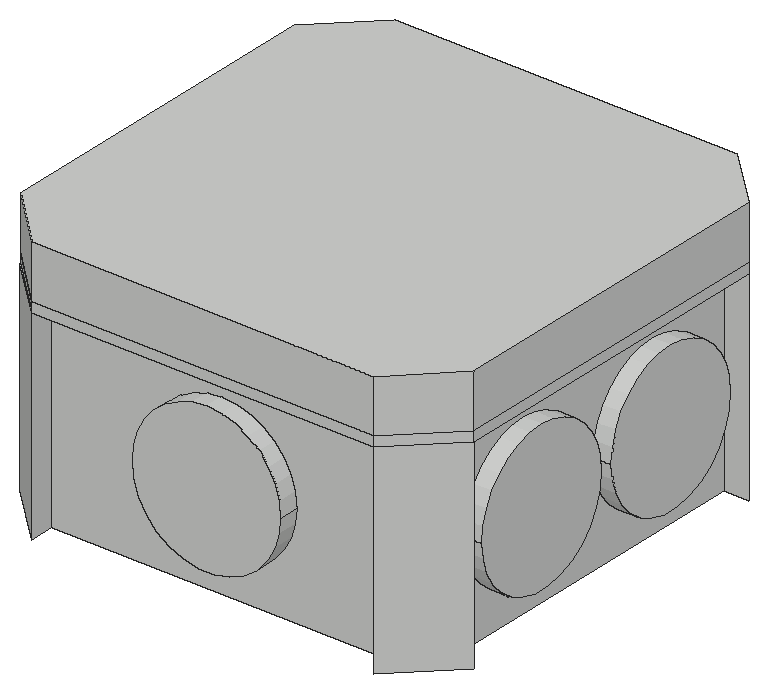
Revit family "Kombischutzgerät für ISDN- und DSL-Systeme", category Generic Models, Revit 2015
Parameters (values of type "TD-4/I")
  Width 1 = 80.4 mm
  Width = 90 mm
  URL = "http://www.obo-bettermann.com"
  Material = OBO-PP
  Manufacturer Art.No. = "5081690"
  Manufacturer = "OBO Bettermann"
  Length 1 = 80.4 mm
  Length = 90 mm
  Height 1 = 40.3 mm
  Height = 52.8 mm
  GTIN = "4012196034352"
  Diameter = 29.5 mm
  Article Type = "TD-4/I"
Reference planes
  plane 1 "Center (Front/Back)": y = 0
  plane 2: z = 0
  plane 3 "Center (Left/Right)": x = 0
  plane 4: z = 40.3
  plane 5: z = 42.2
  plane 6: z = 52.8
  plane 7: y = -44
  plane 8: x = 44
  plane 9: x = -44
  plane 10: y = 44
Forms (mm)
  Extrusion 1, solid, material "OBO-PP" <- "Material"
    sketch origin (0, 0, 0) x (1, 0, 0) y (0, 1, 0)
      loop
        line (-40.2, 35.2) -> (-40.2, -35.2)
        arc (-40.2, -35.2) -> (-38.736, -38.736) -> (-35.2, -40.2) r 5
        line (-35.2, -40.2) -> (35.2, -40.2)
        arc (35.2, -40.2) -> (38.736, -38.736) -> (40.2, -35.2) r 5
        line (40.2, -35.2) -> (40.2, 35.2)
        arc (40.2, 35.2) -> (38.736, 38.736) -> (35.2, 40.2) r 5
        line (35.2, 40.2) -> (-35.2, 40.2)
        arc (-35.2, 40.2) -> (-38.736, 38.736) -> (-40.2, 35.2) r 5
    from 0 to 40.3
  Extrusion 2, solid, material "OBO-PP" <- "Material"
    sketch origin (0, 0, 0) x (1, 0, 0) y (0, 1, 0)
      loop
        line (-34, 45) -> (-45, 34) -> (-45, -34) -> (-34, -45) -> (34, -45) -> (45, -34) -> (45, 34) -> (34, 45) -> (-34, 45)
    from 40.3 to 42.2
  Extrusion 3, solid, material "OBO-PP" <- "Material"
    sketch origin (0, 0, 0) x (1, 0, 0) y (0, 1, 0)
      loop
        line (45, 34) -> (34, 45) -> (34, 40.2) -> (35.2, 40.2)
        arc (35.2, 40.2) -> (38.736, 38.736) -> (40.2, 35.2) r 5
        line (40.2, 35.2) -> (40.2, 34) -> (45, 34)
      loop
        line (-34, 45) -> (-45.038, 33.962) -> (-40.2, 33.962) -> (-40.2, 35.2)
        arc (-40.2, 35.2) -> (-38.736, 38.736) -> (-35.2, 40.2) r 5
        line (-35.2, 40.2) -> (-34, 40.2) -> (-34, 45)
      loop
        line (-45.038, -33.962) -> (-34, -45) -> (-34, -40.2) -> (-35.2, -40.2)
        arc (-35.2, -40.2) -> (-38.736, -38.736) -> (-40.2, -35.2) r 5
        line (-40.2, -35.2) -> (-40.2, -33.962) -> (-45.038, -33.962)
      loop
        line (34, -45) -> (45, -34) -> (40.2, -34) -> (40.2, -35.2)
        arc (40.2, -35.2) -> (38.736, -38.736) -> (35.2, -40.2) r 5
        line (35.2, -40.2) -> (34, -40.2) -> (34, -45)
    from 0 to 40.3
  Extrusion 4, solid, material "OBO-PP" <- "Material"
    sketch origin (0, 0, 0) x (1, 0, 0) y (0, 1, 0)
      loop
        line (-34, 45) -> (-45, 34) -> (-45, -34) -> (-34, -45) -> (34, -45) -> (45, -34) -> (45, 34) -> (34, 45) -> (-34, 45)
    from 42.2 to 52.8
  Extrusion 5, solid, material "OBO-TPE"
    sketch origin (0, 0, 0) x (1, 0, 0) y (0, 0, 1)
      loop
        circle (0, 20.4) r 14.75
    from 40.2 to 44
  Extrusion 6, solid, material "OBO-TPE"
    sketch origin (0, 0, 0) x (0, 1, 0) y (0, 0, 1)
      loop
        circle (16, 20.4) r 14.75
      loop
        circle (-16, 20.4) r 14.75
    from 40.2 to 44
  Extrusion 7, solid, material "OBO-TPE"
    sketch origin (0, 0, 0) x (0, 1, 0) y (0, 0, 1)
      loop
        circle (16, 20.4) r 14.75
      loop
        circle (-16, 20.4) r 14.75
    from -44 to -40.2
  Extrusion 8, solid, material "OBO-TPE"
    sketch origin (0, 0, 0) x (1, 0, 0) y (0, 0, 1)
      loop
        circle (16, 20.4) r 14.75
      loop
        circle (-16, 20.4) r 14.75
    from -44 to -40.2
Dimensions and locks
  "Width 1": Extrusion 1 sketch curve to Extrusion 1 sketch curve
  equal spacing: Extrusion 1 sketch curve, plane 3 "Center (Left/Right)", Extrusion 1 sketch curve
  "Length 1": Extrusion 1 sketch curve to Extrusion 1 sketch curve
  equal spacing: Extrusion 1 sketch curve, plane 1 "Center (Front/Back)", Extrusion 1 sketch curve
  "Height 1": plane 4 to level
  "Width": Extrusion 2 sketch curve to Extrusion 2 sketch curve
  equal spacing: Extrusion 2 sketch curve, plane 3 "Center (Left/Right)", Extrusion 2 sketch curve
  "Length": Extrusion 2 sketch curve to Extrusion 2 sketch curve
  equal spacing: Extrusion 2 sketch curve, plane 1 "Center (Front/Back)", Extrusion 2 sketch curve
  locked: Extrusion 2 sketch curve to Extrusion 2 sketch curve at 68  (x4)
  equal spacing: Extrusion 2 sketch curve, plane 1 "Center (Front/Back)", Extrusion 2 sketch curve, locked at 34 each  (x2)
  equal spacing: Extrusion 2 sketch curve, plane 3 "Center (Left/Right)", Extrusion 2 sketch curve, locked at 34 each  (x2)
  locked: plane 5 to plane 4 at 1.9
  locked: Extrusion 3 sketch curve to Extrusion 3 sketch curve at 68  (x3)
  equal spacing: Extrusion 3 sketch curve, plane 3 "Center (Left/Right)", Extrusion 3 sketch curve, locked at 34 each  (x2)
  equal spacing: Extrusion 3 sketch curve, plane 1 "Center (Front/Back)", Extrusion 3 sketch curve
  locked: Extrusion 3 sketch curve to Extrusion 3 sketch curve at 67.925
  equal spacing: Extrusion 3 sketch curve, plane 1 "Center (Front/Back)", Extrusion 3 sketch curve, locked at 33.962 each
  "Height": plane 6 to level
  locked: Extrusion 5 sketch curve to Extrusion 1 at 20.4
  locked: plane 1 "Center (Front/Back)" to plane 7 at 44
  locked: Extrusion 1 to Extrusion 6 sketch curve at 20.4  (x2)
  locked: Extrusion 6 sketch curve to plane 1 "Center (Front/Back)" at 16
  locked: plane 1 "Center (Front/Back)" to Extrusion 6 sketch curve at 16
  locked: plane 8 to plane 3 "Center (Left/Right)" at 44
  locked: plane 3 "Center (Left/Right)" to plane 9 at 44
  locked: Extrusion 1 to Extrusion 8 sketch curve at 20.4  (x2)
  locked: Extrusion 8 sketch curve to plane 3 "Center (Left/Right)" at 16
  locked: plane 3 "Center (Left/Right)" to Extrusion 8 sketch curve at 16
  locked: plane 10 to plane 1 "Center (Front/Back)" at 44
  "Diameter": diameter of Extrusion 5 sketch curve
  "Diameter": diameter of Extrusion 6 sketch curve  (x2)
  "Diameter": diameter of Extrusion 8 sketch curve  (x2)
  aligned and locked: level to plane 2
  aligned and locked: Extrusion 1 to level
  aligned and locked: plane 4 to Extrusion 1
  aligned and locked: Extrusion 2 to Extrusion 1
  aligned and locked: plane 5 to Extrusion 2
  aligned and locked: Extrusion 3 sketch curve to Extrusion 2  (x4)
  aligned and locked: Extrusion 3 to Extrusion 1
  aligned and locked: Extrusion 3 to level
  aligned and locked: Extrusion 3 sketch curve to Extrusion 1  (x3)
  aligned and locked: Extrusion 1 to Extrusion 3 sketch curve  (x2)
  aligned and locked: Extrusion 4 sketch curve to Extrusion 2  (x8)
  aligned and locked: Extrusion 4 to Extrusion 2
  aligned and locked: plane 6 to Extrusion 4
  aligned and locked: Extrusion 5 to Extrusion 1
  aligned and locked: Extrusion 5 to plane 7
  aligned and locked: Extrusion 6 to plane 8
  aligned and locked: Extrusion 6 to Extrusion 1
  aligned and locked: Extrusion 7 sketch curve to Extrusion 6  (x4)
  aligned and locked: Extrusion 7 to plane 9
  aligned and locked: Extrusion 7 to Extrusion 1
  aligned and locked: Extrusion 8 to plane 10
  aligned and locked: Extrusion 8 to Extrusion 1
Automatic sketch dimensions
  Extrusion 1 sketch curve to Extrusion 1 sketch curve = 5 mm  (x4)
  Extrusion 3 sketch curve to Extrusion 3 sketch curve = 1.2 mm
  Extrusion 3 sketch curve to Extrusion 3 sketch curve = 4.8 mm
  Extrusion 5 sketch curve to plane 3 "Center (Left/Right)" = 0 mm
